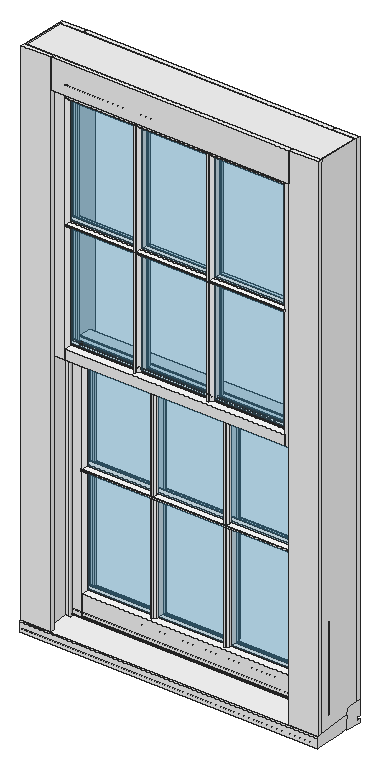
Revit family "B1-66", category Generic Models, Revit 2012
Parameters (values of type "Window Sill drawing")
  Width = 1600 mm
  Height = 1250 mm
  GlazingPanelMaterial = Glass
  Floor Material = White
Reference planes
  plane 1 "Center (Front/Back)": y = 0
  plane 2: z = 0
  plane 3 "Center (Left/Right)": x = 104
  plane 4: z = 1770
  plane 5: x = -800
  plane 6: y = -21.25
  plane 7: y = 137.75
  plane 8: x = -669
  plane 9: y = -21.25
  plane 10: z = 901.52
  plane 11: z = 857.52
  plane 12: z = 1670
  plane 13: z = 1684
  plane 14: z = 33
  plane 15: z = 1688
  plane 16: z = 68
  plane 17: x = 204
  plane 18: x = -431.5
  plane 19: x = -184.921
  plane 20: z = -98.018
  plane 21: y = 110
  plane 22: y = 110
  plane 23: y = 110
  plane 24: y = 110
  plane 25: y = 110
  plane 26: y = 110
  plane 27: x = 73
  plane 28: x = 718
  plane 29: z = 1770
  plane 30: y = 110
  plane 31: y = 110
  plane 32: y = 110
  plane 33: z = 484
  plane 34: z = 1639.938
  plane 35: z = 1254.52
  plane 36: y = 39
  plane 37: y = 39
  plane 38: y = 39
Forms (mm)
  Extrusion 1, solid, material "White" <- "Floor Material"
    sketch origin (250, 0, 589.815) x (0, 1, 0) y (0, 0, 1)
      loop
        arc (117, 270.705) -> (122.657, 273.048) -> (125, 278.705) r 8
        line (125, 278.705) -> (128, 278.705) -> (128, 283.705) -> (109, 283.705) -> (109, 271.705) -> (112, 271.705) -> (113, 267.705) -> (117, 267.705) -> (117, 270.705)
      loop
        line (105, 279.705) -> (89, 279.705) -> (89, 269.705) -> (105, 269.705) -> (105, 279.705)
      loop
        line (60, 267.705) -> (60, 292.705) -> (54, 292.705) -> (54, 295.705) -> (12, 295.705) -> (12, 311.705) -> (10, 311.705) -> (0, 301.705) -> (0, 267.705) -> (30.175, 267.705) -> (60, 267.705)
      loop
        line (34, 309.705) -> (18, 309.705) -> (18, 299.705) -> (34, 299.705) -> (34, 309.705)
      loop
        arc (55.621, 295.458) -> (54.621, 294.458) -> (55.621, 293.458) r 1
        line (55.621, 293.458) -> (63.121, 293.458) -> (63.121, 297.427) -> (65.177, 294.616)
        arc (65.177, 294.616) -> (66.49, 294.717) -> (66.591, 296.03) r 1.012
        line (66.591, 296.03) -> (63.606, 300.112)
        arc (63.606, 300.112) -> (62.116, 300.636) -> (61.091, 299.433) r 1.396
        line (61.091, 299.433) -> (61.091, 295.458) -> (55.621, 295.458)
    from -917.922 to -178.078
  Extrusion 2, solid, material "White" <- "Floor Material"
    sketch origin (1015, 13.291, 537.009) x (0, 1, 0) y (0, 0, 1)
      loop
        line (69.709, 336.511) -> (96.209, 336.511) -> (96.209, 364.511) -> (50.709, 364.511) -> (50.709, 359.511) -> (52.709, 349.511) -> (57.709, 349.511) -> (57.709, 339.968) -> (63.93, 339.968) -> (63.93, 336.511) -> (57.709, 336.511) -> (57.709, 320.511) -> (69.709, 320.511) -> (69.709, 336.511)
      loop
        line (53.709, 320.511) -> (53.709, 325.511) -> (51.709, 335.511) -> (46.709, 335.511) -> (46.709, 320.511) -> (53.709, 320.511)
      loop
        line (46.709, 364.511) -> (28.709, 364.511) -> (27.709, 360.511) -> (24.709, 360.511) -> (24.709, 348.511) -> (46.709, 348.511) -> (46.709, 364.511)
      loop
        arc (62.356, 337.415) -> (63.356, 338.415) -> (62.356, 339.415) r 1
        line (62.356, 339.415) -> (54.856, 339.415) -> (54.856, 335.445) -> (52.8, 338.257)
        arc (52.8, 338.257) -> (51.487, 338.156) -> (51.386, 336.843) r 1.012
        line (51.386, 336.843) -> (54.371, 332.761)
        arc (54.371, 332.761) -> (55.862, 332.237) -> (56.886, 333.439) r 1.396
        line (56.886, 333.439) -> (56.886, 337.415) -> (62.356, 337.415)
    from -1688.922 to -942
  Extrusion 3, solid, material "White" <- "Floor Material"
    sketch origin (865, 123.171, 550.733) x (0, 1, 0) y (0, 0, 1)
      loop
        line (-14.171, 306.296) -> (-10.171, 306.787) -> (-11.171, 310.787) -> (-14.171, 310.787) -> (-14.171, 306.296)
      loop
        line (-38.171, 306.542) -> (-38.171, 309.542) -> (-40.171, 309.787) -> (-40.171, 306.787) -> (-38.171, 306.542)
      loop
        line (-85.171, 351.278) -> (-85.171, 346.787) -> (-82.171, 346.787) -> (-81.171, 350.787) -> (-85.171, 351.278)
      loop
        line (-111.171, 347.787) -> (-109.171, 348.033) -> (-109.171, 351.033) -> (-111.171, 350.787) -> (-111.171, 347.787)
    from -1534 to -792
  Extrusion 4, solid, material "Glass" <- "GlazingPanelMaterial"
    sketch origin (150, 64.106, 220.533) x (0, 1, 0) y (0, 0, 1)
      loop
        line (44.88, -103.528) -> (44.88, 652.987) -> (40.88, 652.987) -> (40.88, -103.528) -> (44.88, -103.528)
      loop
        line (24.88, 652.987) -> (20.88, 652.987) -> (20.88, -103.528) -> (24.88, -103.528) -> (24.88, 652.987)
    from -819 to -88.078
  Extrusion 5, solid, material "White" <- "Floor Material"
    sketch origin (761.418, 125.498, 896.719) x (0, -0.121869, -0.992546) y (0, 0.992546, -0.121869)
      loop
        line (28.327, -57.65) -> (23.969, -54.354)
        arc (23.969, -54.354) -> (22.506, -54.612) -> (22.765, -56.075) r 1.05
        line (22.765, -56.075) -> (26.332, -58.837)
        arc (26.332, -58.837) -> (26.584, -59.776) -> (25.835, -60.396) r 0.9
        line (25.835, -60.396) -> (19.693, -61.15)
        arc (19.693, -61.15) -> (19.162, -61.383) -> (18.989, -61.936) r 0.7
        line (18.989, -61.936) -> (19.197, -63.633) -> (19.712, -64.398) -> (20.1, -67.562) -> (19.196, -66.76) -> (19.293, -67.554) -> (20.152, -68.225) -> (20.951, -68.183) -> (23.094, -67.324) -> (22.996, -66.53) -> (20.532, -66.978) -> (20.205, -64.315)
        arc (20.205, -64.315) -> (20.389, -63.651) -> (20.989, -63.312) r 0.9
        line (20.989, -63.312) -> (28.761, -62.358)
        arc (28.761, -62.358) -> (29.205, -62.1) -> (29.324, -61.601) r 0.65
        line (29.324, -61.601) -> (28.752, -58.33)
        arc (28.752, -58.33) -> (28.631, -57.932) -> (28.327, -57.65) r 0.798
    from -1430.418 to -1181
  Extrusion 6, solid, material "White" <- "Floor Material"
    sketch origin (911.418, 126.532, 897.954) x (0, -0.121869, -0.992546) y (0, 0.992546, -0.121869)
      loop
        arc (25.38, -55.148) -> (23.778, -55.428) -> (24.057, -57.03) r 1.15
        line (24.057, -57.03) -> (27.62, -59.789)
        arc (27.62, -59.789) -> (27.84, -60.623) -> (27.175, -61.172) r 0.8
        line (27.175, -61.172) -> (20.939, -61.931)
        arc (20.939, -61.931) -> (20.405, -62.232) -> (20.241, -62.823) r 0.8
        line (20.241, -62.823) -> (20.45, -64.52) -> (20.968, -65.312) -> (21.339, -68.337) -> (20.548, -67.635) -> (20.645, -68.429) -> (21.504, -69.1) -> (22.303, -69.058) -> (24.446, -68.2) -> (24.348, -67.406) -> (21.983, -67.835) -> (21.657, -65.178)
        arc (21.657, -65.178) -> (21.82, -64.588) -> (22.353, -64.287) r 0.8
        line (22.353, -64.287) -> (30.127, -63.332)
        arc (30.127, -63.332) -> (30.638, -63.034) -> (30.774, -62.459) r 0.75
        line (30.774, -62.459) -> (30.244, -59.424)
        arc (30.244, -59.424) -> (30.154, -58.918) -> (29.833, -58.516) r 1.042
        line (29.833, -58.516) -> (25.38, -55.148)
    from -1580.418 to -1331
  Extrusion 7, solid, material "White" <- "Floor Material"
    sketch origin (861.418, 121.497, 909.598) x (0, -0.121869, -0.992546) y (0, 0.992546, -0.121869)
      loop
        line (37.899, -55.316) -> (32.161, -55.997)
        arc (32.161, -55.997) -> (31.827, -56.184) -> (31.724, -56.554) r 0.5
        line (31.724, -56.554) -> (32.395, -62.021) -> (31.491, -61.219) -> (31.588, -62.013) -> (32.447, -62.684) -> (33.246, -62.642) -> (35.389, -61.784) -> (35.291, -60.989) -> (32.827, -61.437) -> (32.285, -57.019)
        arc (32.285, -57.019) -> (32.428, -56.659) -> (32.772, -56.479) r 0.558
        line (32.772, -56.479) -> (37.96, -55.818)
        arc (37.96, -55.818) -> (38.179, -55.536) -> (37.899, -55.316) r 0.253
    from -1530.418 to -788.418
  Extrusion 8, solid, material "White" <- "Floor Material"
    sketch origin (-78.582, 5.502, 862.603) x (0, 0.121869, 0.992546) y (0, -0.992546, 0.121869)
      loop
        line (28.327, -57.65) -> (23.969, -54.354)
        arc (23.969, -54.354) -> (22.506, -54.612) -> (22.765, -56.075) r 1.05
        line (22.765, -56.075) -> (26.332, -58.837)
        arc (26.332, -58.837) -> (26.584, -59.776) -> (25.835, -60.396) r 0.9
        line (25.835, -60.396) -> (19.693, -61.15)
        arc (19.693, -61.15) -> (19.162, -61.383) -> (18.989, -61.936) r 0.7
        line (18.989, -61.936) -> (19.197, -63.633) -> (19.712, -64.398) -> (20.1, -67.562) -> (19.196, -66.76) -> (19.293, -67.554) -> (20.152, -68.225) -> (20.951, -68.183) -> (23.094, -67.324) -> (22.996, -66.53) -> (20.532, -66.978) -> (20.205, -64.315)
        arc (20.205, -64.315) -> (20.389, -63.651) -> (20.989, -63.312) r 0.9
        line (20.989, -63.312) -> (28.761, -62.358)
        arc (28.761, -62.358) -> (29.205, -62.1) -> (29.324, -61.601) r 0.65
        line (29.324, -61.601) -> (28.752, -58.33)
        arc (28.752, -58.33) -> (28.631, -57.932) -> (28.327, -57.65) r 0.798
    from -590.418 to 140.504
  Extrusion 9, solid, material "White" <- "Floor Material"
    sketch origin (736.418, 9.503, 849.725) x (0, 0.121869, 0.992546) y (0, -0.992546, 0.121869)
      loop
        line (37.899, -55.316) -> (32.161, -55.997)
        arc (32.161, -55.997) -> (31.827, -56.184) -> (31.724, -56.554) r 0.5
        line (31.724, -56.554) -> (32.395, -62.021) -> (31.491, -61.219) -> (31.588, -62.013) -> (32.447, -62.684) -> (33.246, -62.642) -> (35.389, -61.784) -> (35.291, -60.989) -> (32.827, -61.437) -> (32.285, -57.019)
        arc (32.285, -57.019) -> (32.428, -56.659) -> (32.772, -56.479) r 0.558
        line (32.772, -56.479) -> (37.96, -55.818)
        arc (37.96, -55.818) -> (38.179, -55.536) -> (37.899, -55.316) r 0.253
    from -1405.418 to -674.496
  Extrusion 10, solid, material "White" <- "Floor Material"
    sketch origin (815, 0, 589.815) x (0, 1, 0) y (0, 0, 1)
      loop
        line (38, 299.705) -> (12, 299.705) -> (12, 295.705) -> (38, 295.705) -> (38, 299.705)
      loop
        line (109, 283.705) -> (83, 283.705) -> (83, 279.705) -> (109, 279.705) -> (109, 283.705)
    from -1484 to -1234.582
  Extrusion 11, solid, not visible
    sketch origin (0, 0, 9.375) x (0, 1, 0) y (0, 0, 1)
      loop
        line (94.662, 311.911) -> (94.314, 312.868) -> (95.314, 312.868) -> (93.454, 317.977) -> (86.115, 317.977) -> (85.011, 317.575) -> (64.143, 317.575) -> (64.143, 311.911) -> (94.662, 311.911)
    from 0 to 250
  Extrusion 12, solid, not visible
    sketch origin (0, 0, 9.375) x (0, 1, 0) y (0, 0, 1)
      loop
        line (93.688, 317.334) -> (85.92, 317.334) -> (87.101, 312.926) -> (95.293, 312.926) -> (93.688, 317.334)
      loop
        line (91.853, 322.376) -> (91.853, 328.194)
        arc (91.853, 328.194) -> (91.424, 329.231) -> (90.388, 329.66) r 1.465
        line (90.388, 329.66) -> (71.853, 329.66) -> (71.853, 322.376) -> (91.853, 322.376)
      loop
        line (73.373, 320.598) -> (64.143, 320.598) -> (64.143, 317.575) -> (73.373, 317.575) -> (73.373, 320.598)
      loop
        line (61.169, 311.884) -> (61.169, 316.884) -> (56.169, 316.884)
        arc (56.169, 316.884) -> (53.926, 317.813) -> (52.996, 320.057) r 3.173
        line (52.996, 320.057) -> (52.996, 327.594)
        arc (52.996, 327.594) -> (53.247, 329.284) -> (54.656, 330.25) r 2.138
        line (54.656, 330.25) -> (56.493, 330.25)
        arc (56.493, 330.25) -> (57.939, 329.727) -> (58.925, 328.548) r 2.95
        line (58.925, 328.548) -> (59.306, 324.922) -> (61.24, 324.922) -> (60.612, 330.901)
        arc (60.612, 330.901) -> (59.723, 332.646) -> (57.894, 333.348) r 2.733
        line (57.894, 333.348) -> (52.423, 333.348)
        arc (52.423, 333.348) -> (50.164, 330.795) -> (49.999, 327.391) r 5.139
        line (49.999, 327.391) -> (47.957, 316.884)
        arc (47.957, 316.884) -> (49.179, 314.507) -> (49.698, 311.884) r 9.583
        line (49.698, 311.884) -> (61.169, 311.884)
    from 0 to 250
  Extrusion 13, solid, material "White" <- "Floor Material"
    sketch origin (50, -21.25, 1386.188) x (0, 1, 0) y (0, 0, 1)
      loop
        line (78.5, 268.749) -> (59.5, 268.749) -> (59.5, 256.749) -> (62.5, 256.749) -> (63.5, 252.749) -> (67.5, 252.749) -> (67.5, 255.749)
        arc (67.5, 255.749) -> (73.157, 258.092) -> (75.5, 263.749) r 8
        line (75.5, 263.749) -> (78.5, 263.749) -> (78.5, 268.749)
      loop
        line (67.534, 317.378) -> (63.288, 313.116) -> (63.101, 309.432)
        arc (63.101, 309.432) -> (63.279, 308.951) -> (63.75, 308.749) r 0.65
        line (63.75, 308.749) -> (71.582, 308.749)
        arc (71.582, 308.749) -> (72.219, 308.486) -> (72.482, 307.849) r 0.9
        line (72.482, 307.849) -> (72.482, 305.266) -> (69.639, 305.266) -> (69.639, 304.437) -> (70.5, 304.437) -> (72.582, 304.032) -> (73.5, 304.437) -> (73.5, 308.749) -> (73.4, 310.459)
        arc (73.4, 310.459) -> (73.16, 310.987) -> (72.605, 311.153) r 0.7
        line (72.605, 311.153) -> (66.417, 311.153)
        arc (66.417, 311.153) -> (65.695, 311.514) -> (65.553, 312.309) r 0.9
        line (65.553, 312.309) -> (68.938, 315.817)
        arc (68.938, 315.817) -> (69.016, 317.299) -> (67.534, 317.378) r 1.05
    from -719 to 23
  Extrusion 14, solid, material "White" <- "Floor Material"
    sketch origin (50, -21.25, 1375.251) x (0, 1, 0) y (0, 0, 1)
      loop
        line (154, 344.749) -> (154, 388.749) -> (20, 388.749) -> (20, 344.749) -> (154, 344.749)
    from -749.921 to 54
  Extrusion 15, solid, material "Glass" <- "GlazingPanelMaterial"
    sketch origin (0, -6.957, 1128.493) x (0, 1, 0) y (0, 0, 1)
      loop
        line (45.207, -226.973) -> (45.207, 526.445) -> (41.207, 526.445) -> (41.207, -226.973) -> (45.207, -226.973)
      loop
        line (24.957, 526.445) -> (20.957, 526.445) -> (20.957, -226.973) -> (24.957, -226.973) -> (24.957, 526.445)
    from -669 to 61.922
  Extrusion 16, solid, material "White" <- "Floor Material"
    sketch origin (-72.332, 95.318, 1807.485) x (0, 1, 0) y (0, 0, 1)
      loop
        line (-97.368, -115.408) -> (-98.782, -115.408) -> (-98.782, -120.691) -> (-97.368, -120.691) -> (-97.368, -119.602) -> (-97.368, -116.493) -> (-97.368, -115.408)
    from -596.668 to -347.25
  Extrusion 17, solid, material "White" <- "Floor Material"
    sketch origin (50, -21.25, 1386.188) x (0, 1, 0) y (0, 0, 1)
      loop
        line (17, 304.499) -> (13, 304.499) -> (13, 301.999) -> (17, 301.999) -> (17, 299.749) -> (20, 299.749) -> (20, 301.694) -> (19.2, 301.694) -> (19.2, 300.606) -> (17.786, 300.606) -> (17.786, 305.893) -> (19.2, 305.893) -> (19.2, 304.804) -> (20, 304.804) -> (20, 306.749) -> (17, 306.749) -> (17, 304.499)
    from -719 to 23
  Extrusion 18, solid, material "White" <- "Floor Material"
    sketch origin (50, -21.25, 1386.188) x (0, 1, 0) y (0, 0, 1)
      loop
        line (23.862, 300.393) -> (23.862, 306.074)
        spline (23.862, 306.074) -> (23.6, 305.683) -> (23.284, 305.425) -> (22.922, 305.27) -> (22.524, 305.189) -> (22.101, 305.153) -> (21.66, 305.133) -> (21.213, 305.1) -> (20.767, 305.024) -> (20.334, 304.876) -> (19.922, 304.627) -> (19.541, 304.248) -> (19.2, 303.71)
        line (19.2, 303.71) -> (19.2, 302.476)
        spline (19.2, 302.476) -> (19.558, 301.967) -> (19.948, 301.615) -> (20.362, 301.392) -> (20.792, 301.269) -> (21.23, 301.216) -> (21.669, 301.205) -> (22.099, 301.206) -> (22.515, 301.191) -> (22.906, 301.132) -> (23.267, 300.998) -> (23.588, 300.761) -> (23.862, 300.393)
    from -719 to -224
  Extrusion 19, solid, material "White" <- "Floor Material"
    sketch origin (-22.332, 36.182, 1807.485) x (0, -1, 0) y (0, 0, -1)
      loop
        line (-97.368, 115.408) -> (-97.368, 116.493) -> (-97.368, 119.602) -> (-97.368, 120.691) -> (-98.782, 120.691) -> (-98.782, 115.408) -> (-97.368, 115.408)
    from -695.605 to 95.332
  Extrusion 20, solid, material "White" <- "Floor Material"
    sketch origin (25, 152.75, 1386.188) x (0, -1, 0) y (0, 0, -1)
      loop
        spline (23.862, -300.393) -> (23.588, -300.761) -> (23.267, -300.998) -> (22.906, -301.132) -> (22.515, -301.191) -> (22.099, -301.206) -> (21.669, -301.205) -> (21.23, -301.216) -> (20.792, -301.269) -> (20.362, -301.392) -> (19.948, -301.615) -> (19.558, -301.967) -> (19.2, -302.476)
        line (19.2, -302.476) -> (19.2, -303.71)
        spline (19.2, -303.71) -> (19.541, -304.248) -> (19.922, -304.627) -> (20.334, -304.876) -> (20.767, -305.024) -> (21.213, -305.1) -> (21.66, -305.133) -> (22.101, -305.153) -> (22.524, -305.189) -> (22.922, -305.27) -> (23.284, -305.425) -> (23.6, -305.683) -> (23.862, -306.074)
        line (23.862, -306.074) -> (23.862, -300.393)
    from -694 to -444.582
  Extrusion 21, solid, material "White" <- "Floor Material"
    sketch origin (50, 234.566, 1502.409) x (0, 1, 0) y (0, 0, 1)
      loop
        line (-222.316, 137.529) -> (-220.566, 137.744) -> (-220.566, 140.529) -> (-222.316, 140.529) -> (-222.316, 137.529)
      loop
        line (-193.316, 140.529) -> (-196.316, 140.529) -> (-196.316, 136.529) -> (-192.316, 136.529) -> (-193.316, 140.529)
    from -719 to -469.582
  Extrusion 22, solid, material "White" <- "Floor Material"
    sketch origin (50, -21.25, 1375.251) x (0, 1, 0) y (0, 0, 1)
      loop
        line (159, 312.749) -> (159, 388.749) -> (20, 388.749) -> (20, 329.749) -> (15, 329.749) -> (15, 321.749) -> (20, 321.749) -> (20, 312.749) -> (83, 312.749) -> (83, 319.749) -> (91, 319.749) -> (91, 312.749) -> (159, 312.749)
    from -767.938 to 71.921
  Extrusion 23, solid, material "White" <- "Floor Material"
    sketch origin (-172.332, 69.685, -12.907) x (0, -1, 0) y (0, 0, -1)
      loop
        line (-28.815, -17.907) -> (-28.815, -45.907) -> (-33.815, -45.907) -> (-33.815, -60.907) -> (-28.815, -60.907) -> (92.551, -46.005)
        arc (92.551, -46.005) -> (94.432, -45.015) -> (95.185, -43.027) r 3
        line (95.185, -43.027) -> (95.185, -12.907) -> (90.185, -12.907) -> (90.185, -14.907)
        arc (90.185, -14.907) -> (87.185, -17.907) -> (84.185, -14.907) r 3
        line (84.185, -14.907) -> (84.185, -12.907) -> (-8.815, -12.907) -> (-8.815, -17.907) -> (-28.815, -17.907)
    from -627.668 to 376.332
  Extrusion 24, solid, material "White" <- "Floor Material"
    sketch origin (-172.332, 69.685, 0) x (0, -1, 0) y (0, 0, -1)
      loop
        line (-82.815, 0) -> (-82.815, -10) -> (-72.815, -10) -> (-72.815, -20) -> (-82.815, -20) -> (-82.815, -68) -> (-62.815, -68) -> (-28.815, -63.825) -> (-28.815, -58.913)
        arc (-28.815, -58.913) -> (-31.815, -55.913) -> (-28.815, -52.913) r 3
        line (-28.815, -52.913) -> (-28.815, -48) -> (-33.815, -48) -> (-33.815, -33) -> (-28.815, -33) -> (-28.815, 0) -> (-82.815, 0)
    from -627.668 to 376.332
  Extrusion 25, solid, material "White" <- "Floor Material"
    sketch origin (-172.332, 75.723, -26.266) x (0, -1, 0) y (0, 0, -1)
      loop
        line (-6.277, -76.621) -> (-17.277, -77.972) -> (-17.277, -99.936) -> (-21.277, -99.936) -> (-21.277, -139.271) -> (-7.277, -139.271) -> (-7.277, -155.271) -> (-5.277, -155.271) -> (4.723, -145.271) -> (4.723, -77.246)
        arc (4.723, -77.246) -> (3.711, -74.999) -> (1.357, -74.268) r 3
        line (1.357, -74.268) -> (-3.277, -74.837) -> (-3.277, -82.253) -> (-6.277, -82.253) -> (-6.277, -76.621)
      loop
        line (-55.277, -139.271) -> (-29.277, -139.271) -> (-29.277, -99.936) -> (-33.277, -99.936) -> (-33.277, -94.936) -> (-44.277, -96.287) -> (-44.277, -102.287) -> (-47.277, -102.287) -> (-47.277, -96.655) -> (-52.643, -97.314)
        arc (-52.643, -97.314) -> (-54.524, -98.304) -> (-55.277, -100.292) r 3
        line (-55.277, -100.292) -> (-55.277, -139.271)
    from -495.589 to 244.332
  Extrusion 26, solid, material "White" <- "Floor Material"
    sketch origin (-172.332, 36.806, -33.552) x (0, -1, 0) y (0, 0, -1)
      loop
        line (-97.22, -108.207) -> (-97.22, -106.552) -> (-98.72, -106.552) -> (-98.72, -111.552) -> (-97.22, -111.552) -> (-97.22, -109.898)
        spline (-97.22, -109.898) -> (-96.846, -110.536) -> (-96.419, -110.991) -> (-95.951, -111.297) -> (-95.454, -111.486) -> (-94.941, -111.593) -> (-94.423, -111.65) -> (-93.912, -111.691) -> (-93.422, -111.75) -> (-92.964, -111.859) -> (-92.55, -112.054) -> (-92.193, -112.366) -> (-91.905, -112.83)
        line (-91.905, -112.83) -> (-91.905, -105.274)
        spline (-91.905, -105.274) -> (-92.193, -105.738) -> (-92.55, -106.051) -> (-92.964, -106.245) -> (-93.422, -106.355) -> (-93.912, -106.414) -> (-94.423, -106.455) -> (-94.941, -106.512) -> (-95.454, -106.619) -> (-95.951, -106.808) -> (-96.419, -107.113) -> (-96.846, -107.569) -> (-97.22, -108.207)
    from -496.668 to 244.332
  Extrusion 27, solid, material "White" <- "Floor Material"
    sketch origin (-172.332, 73.367, -7.569) x (0, -1, 0) y (0, 0, -1)
      loop
        line (-54.633, -125.574) -> (-51.633, -125.574)
        arc (-51.633, -125.574) -> (-49.289, -131.23) -> (-43.633, -133.574) r 8
        line (-43.633, -133.574) -> (-43.633, -136.574) -> (-39.633, -136.574) -> (-38.633, -132.574) -> (-35.633, -132.574) -> (-35.633, -120.574) -> (-54.633, -120.574) -> (-54.633, -125.574)
    from -496.668 to 244.332
  Extrusion 28, solid, material "White" <- "Floor Material"
    sketch origin (-172.332, 69.685, 0) x (0, -1, 0) y (0, 0, -1)
      loop
        line (-39.315, -113.004) -> (-39.315, -117.004) -> (-15.315, -117.004) -> (-15.315, -126.25) -> (-13.315, -126.004) -> (-13.315, -113.004) -> (-39.315, -113.004)
    from -496.668 to 244.332
  Extrusion 29, solid, material "White" <- "Floor Material"
    sketch origin (-153.582, 101.098, -13.29) x (0, -1, 0) y (0, 0, -1)
      loop
        line (28.327, -57.65) -> (23.969, -54.354)
        arc (23.969, -54.354) -> (22.506, -54.612) -> (22.765, -56.075) r 1.05
        line (22.765, -56.075) -> (26.332, -58.837)
        arc (26.332, -58.837) -> (26.584, -59.776) -> (25.835, -60.396) r 0.9
        line (25.835, -60.396) -> (19.693, -61.15)
        arc (19.693, -61.15) -> (19.162, -61.383) -> (18.989, -61.936) r 0.7
        line (18.989, -61.936) -> (19.197, -63.633) -> (19.712, -64.398) -> (20.1, -67.562) -> (19.196, -66.76) -> (19.293, -67.554) -> (20.152, -68.225) -> (20.951, -68.183) -> (23.094, -67.324) -> (22.996, -66.53) -> (20.532, -66.978) -> (20.205, -64.315)
        arc (20.205, -64.315) -> (20.389, -63.651) -> (20.989, -63.312) r 0.9
        line (20.989, -63.312) -> (28.761, -62.358)
        arc (28.761, -62.358) -> (29.205, -62.1) -> (29.324, -61.601) r 0.65
        line (29.324, -61.601) -> (28.752, -58.33)
        arc (28.752, -58.33) -> (28.631, -57.932) -> (28.327, -57.65) r 0.798
    from -551.339 to 257.582
  Extrusion 30, solid, material "White" <- "Floor Material"
    sketch origin (-153.582, 113.393, -7.749) x (0, -1, 0) y (0, 0, -1)
      loop
        line (37.899, -55.316) -> (32.161, -55.997)
        arc (32.161, -55.997) -> (31.827, -56.184) -> (31.724, -56.554) r 0.5
        line (31.724, -56.554) -> (32.395, -62.021) -> (31.491, -61.219) -> (31.588, -62.013) -> (32.447, -62.684) -> (33.246, -62.642) -> (35.389, -61.784) -> (35.291, -60.989) -> (32.827, -61.437) -> (32.285, -57.019)
        arc (32.285, -57.019) -> (32.428, -56.659) -> (32.772, -56.479) r 0.558
        line (32.772, -56.479) -> (37.96, -55.818)
        arc (37.96, -55.818) -> (38.179, -55.536) -> (37.899, -55.316) r 0.253
    from -515.418 to 225.582
  Extrusion 31, solid, material "White" <- "Floor Material"
    sketch origin (-172.332, 69.685, 0) x (0, -1, 0) y (0, 0, -1)
      loop
        line (-35.315, -127.004) -> (-19.315, -127.004) -> (-19.315, -117.004) -> (-35.315, -117.004) -> (-35.315, -127.004)
    from -496.668 to 244.332
  Extrusion 32, solid, material "White" <- "Floor Material"
    sketch origin (-153.582, 142.098, 6.744) x (0, -1, 0) y (0, 0, -1)
      loop
        line (28.327, -57.65) -> (23.969, -54.354)
        arc (23.969, -54.354) -> (22.506, -54.612) -> (22.765, -56.075) r 1.05
        line (22.765, -56.075) -> (26.332, -58.837)
        arc (26.332, -58.837) -> (26.584, -59.776) -> (25.835, -60.396) r 0.9
        line (25.835, -60.396) -> (19.693, -61.15)
        arc (19.693, -61.15) -> (19.162, -61.383) -> (18.989, -61.936) r 0.7
        line (18.989, -61.936) -> (19.197, -63.633) -> (19.712, -64.398) -> (20.1, -67.562) -> (19.196, -66.76) -> (19.293, -67.554) -> (20.152, -68.225) -> (20.951, -68.183) -> (23.094, -67.324) -> (22.996, -66.53) -> (20.532, -66.978) -> (20.205, -64.315)
        arc (20.205, -64.315) -> (20.389, -63.651) -> (20.989, -63.312) r 0.9
        line (20.989, -63.312) -> (28.761, -62.358)
        arc (28.761, -62.358) -> (29.205, -62.1) -> (29.324, -61.601) r 0.65
        line (29.324, -61.601) -> (28.752, -58.33)
        arc (28.752, -58.33) -> (28.631, -57.932) -> (28.327, -57.65) r 0.798
    from -515.418 to 225.582
  Extrusion 33, solid, material "White" <- "Floor Material"
    sketch origin (-153.582, 143.45, 5.869) x (0, -1, 0) y (0, 0, -1)
      loop
        arc (25.38, -55.148) -> (23.778, -55.428) -> (24.057, -57.03) r 1.15
        line (24.057, -57.03) -> (27.62, -59.789)
        arc (27.62, -59.789) -> (27.84, -60.623) -> (27.175, -61.172) r 0.8
        line (27.175, -61.172) -> (20.939, -61.931)
        arc (20.939, -61.931) -> (20.405, -62.232) -> (20.241, -62.823) r 0.8
        line (20.241, -62.823) -> (20.45, -64.52) -> (20.968, -65.312) -> (21.339, -68.337) -> (20.548, -67.635) -> (20.645, -68.429) -> (21.504, -69.1) -> (22.303, -69.058) -> (24.446, -68.2) -> (24.348, -67.406) -> (21.983, -67.835) -> (21.657, -65.178)
        arc (21.657, -65.178) -> (21.82, -64.588) -> (22.353, -64.287) r 0.8
        line (22.353, -64.287) -> (30.127, -63.332)
        arc (30.127, -63.332) -> (30.638, -63.034) -> (30.774, -62.459) r 0.75
        line (30.774, -62.459) -> (30.244, -59.424)
        arc (30.244, -59.424) -> (30.154, -58.918) -> (29.833, -58.516) r 1.042
        line (29.833, -58.516) -> (25.38, -55.148)
    from -515.418 to 225.582
  Extrusion 34, solid, material "White" <- "Floor Material"
    sketch origin (-153.582, 154.393, 12.285) x (0, -1, 0) y (0, 0, -1)
      loop
        line (37.899, -55.316) -> (32.161, -55.997)
        arc (32.161, -55.997) -> (31.827, -56.184) -> (31.724, -56.554) r 0.5
        line (31.724, -56.554) -> (32.395, -62.021) -> (31.491, -61.219) -> (31.588, -62.013) -> (32.447, -62.684) -> (33.246, -62.642) -> (35.389, -61.784) -> (35.291, -60.989) -> (32.827, -61.437) -> (32.285, -57.019)
        arc (32.285, -57.019) -> (32.428, -56.659) -> (32.772, -56.479) r 0.558
        line (32.772, -56.479) -> (37.96, -55.818)
        arc (37.96, -55.818) -> (38.179, -55.536) -> (37.899, -55.316) r 0.253
    from -515.418 to 225.582
  Extrusion 35, solid, material "White" <- "Floor Material"
    sketch origin (-172.332, 69.685, 0) x (0, -1, 0) y (0, 0, -1)
      loop
        line (-39.315, -129.495) -> (-39.315, -125.004) -> (-42.315, -125.004) -> (-43.315, -129.004) -> (-39.315, -129.495)
      loop
        line (-15.315, -129.25) -> (-13.315, -129.004) -> (-13.315, -126.004) -> (-15.315, -126.25) -> (-15.315, -129.25)
    from -496.668 to 244.332
  Extrusion 36, solid, material "White" <- "Floor Material"
    sketch origin (-511.418, -643.153, 0) x (1, 0, 0) y (0, 1, 0)
      loop
        line (-280.004, 695.902) -> (-280.004, 650.902) -> (-235.004, 650.902) -> (-235.004, 695.902) -> (-280.004, 695.902)
      loop
        circle (-257.504, 673.402) r 3.5
      loop
        circle (-257.504, 744.402) r 3.5
      loop
        line (-235.004, 766.902) -> (-280.004, 766.902) -> (-280.004, 721.902) -> (-235.004, 721.902) -> (-235.004, 766.902)
      loop
        line (-281.504, 707.402) -> (-233.504, 707.402) -> (-233.504, 710.402) -> (-281.504, 710.402) -> (-281.504, 707.402)
      loop
        line (-206.504, 712.902) -> (-213.504, 712.902) -> (-213.504, 704.902) -> (-192.504, 704.902)
        arc (-192.504, 704.902) -> (-188.504, 708.902) -> (-192.504, 712.902) r 4
        line (-192.504, 712.902) -> (-206.504, 712.902)
    from 33 to 1685.937
  Extrusion 37, solid, material "White" <- "Floor Material"
    sketch origin (-511.434, -643.965, 0) x (1, 0, 0) y (0, 1, 0)
      loop
        line (-209.504, 752.402) -> (-254.504, 752.402) -> (-254.504, 736.402) -> (-209.504, 736.402) -> (-209.504, 729.902) -> (-206.504, 729.902) -> (-206.504, 758.902) -> (-209.504, 758.902) -> (-209.504, 752.402)
      loop
        line (-254.504, 681.402) -> (-254.504, 665.402) -> (-209.504, 665.402) -> (-209.504, 658.902) -> (-206.504, 658.902) -> (-206.504, 687.902) -> (-209.504, 687.902) -> (-209.504, 681.402) -> (-254.504, 681.402)
    from 33 to 923.04
  Extrusion 38, solid, material "White" <- "Floor Material"
    sketch origin (-511.418, -571.902, -672) x (1, 0, 0) y (0, 1, 0)
      loop
        line (-156.504, 643.402) -> (-146.504, 653.402) -> (-146.504, 655.402) -> (-162.504, 655.402) -> (-162.504, 703.402) -> (-199.504, 703.402)
        arc (-199.504, 703.402) -> (-201.625, 702.524) -> (-202.504, 700.402) r 3
        line (-202.504, 700.402) -> (-202.504, 679.402) -> (-196.504, 679.402) -> (-196.504, 667.402) -> (-202.504, 667.402) -> (-202.504, 654.402) -> (-196.504, 654.402) -> (-196.504, 651.402) -> (-202.504, 651.402) -> (-202.504, 646.402)
        arc (-202.504, 646.402) -> (-201.625, 644.281) -> (-199.504, 643.402) r 3
        line (-199.504, 643.402) -> (-156.504, 643.402)
    from 717.039 to 1545.52
  Extrusion 39, solid, material "White" <- "Floor Material"
    sketch origin (-511.418, -571.902, -672) x (1, 0, 0) y (0, 1, 0)
      loop
        line (-162.504, 700.402) -> (-162.504, 681.402) -> (-150.504, 681.402) -> (-150.504, 684.402) -> (-146.504, 685.402) -> (-146.504, 689.402) -> (-149.504, 689.402)
        arc (-149.504, 689.402) -> (-151.847, 695.059) -> (-157.504, 697.402) r 8
        line (-157.504, 697.402) -> (-157.504, 700.402) -> (-162.504, 700.402)
    from 705 to 1540.52
  Extrusion 40, solid, not visible
    sketch origin (-848.022, -244.537, 0) x (1, 0, 0) y (0, 1, 0)
      loop
        line (-156.504, 643.402) -> (-146.504, 653.402) -> (-146.504, 655.402) -> (-162.504, 655.402) -> (-162.504, 703.402) -> (-199.504, 703.402)
        arc (-199.504, 703.402) -> (-201.625, 702.524) -> (-202.504, 700.402) r 3
        line (-202.504, 700.402) -> (-202.504, 695.402) -> (-196.504, 695.402) -> (-196.504, 692.402) -> (-202.504, 692.402) -> (-202.504, 679.402) -> (-196.504, 679.402) -> (-196.504, 667.402) -> (-202.504, 667.402) -> (-202.504, 646.402)
        arc (-202.504, 646.402) -> (-201.625, 644.281) -> (-199.504, 643.402) r 3
        line (-199.504, 643.402) -> (-156.504, 643.402)
    from 672 to 1294
  Extrusion 41, solid, not visible
    sketch origin (-848.022, -244.537, 0) x (1, 0, 0) y (0, 1, 0)
      loop
        line (-162.504, 700.402) -> (-162.504, 681.402) -> (-150.504, 681.402) -> (-150.504, 684.402) -> (-146.504, 685.402) -> (-146.504, 689.402) -> (-149.504, 689.402)
        arc (-149.504, 689.402) -> (-151.847, 695.059) -> (-157.504, 697.402) r 8
        line (-157.504, 697.402) -> (-157.504, 700.402) -> (-162.504, 700.402)
    from 672 to 1294
  Extrusion 42, solid, material "White" <- "Floor Material"
    sketch origin (-511.418, -714.403, 333.96) x (1, 0, 0) y (0, 1, 0)
      loop
        arc (-199.504, 774.402) -> (-201.625, 773.524) -> (-202.504, 771.402) r 3
        line (-202.504, 771.402) -> (-202.504, 766.402) -> (-196.504, 766.402) -> (-196.504, 763.402) -> (-202.504, 763.402) -> (-202.504, 750.402) -> (-196.504, 750.402) -> (-196.504, 738.402) -> (-202.504, 738.402) -> (-202.504, 717.402)
        arc (-202.504, 717.402) -> (-201.625, 715.281) -> (-199.504, 714.402) r 3
        line (-199.504, 714.402) -> (-156.504, 714.402) -> (-146.504, 724.402) -> (-146.504, 726.402) -> (-162.504, 726.402) -> (-162.504, 774.402) -> (-199.504, 774.402)
    from 523.56 to 1350.04
  Extrusion 43, solid, material "White" <- "Floor Material"
    sketch origin (-511.418, -714.403, 288.96) x (1, 0, 0) y (0, 1, 0)
      loop
        line (-157.504, 771.402) -> (-162.504, 771.402) -> (-162.504, 752.402) -> (-150.504, 752.402) -> (-150.504, 755.402) -> (-146.504, 756.402) -> (-146.504, 760.402) -> (-149.504, 760.402)
        arc (-149.504, 760.402) -> (-151.847, 766.059) -> (-157.504, 768.402) r 8
        line (-157.504, 768.402) -> (-157.504, 771.402)
    from 610.56 to 1395.04
  Extrusion 44, solid, material "White" <- "Floor Material"
    sketch origin (-511.418, 774.897, -660) x (1, 0, 0) y (0, 1, 0)
      loop
        arc (-204.331, -687.749) -> (-207.239, -689.467) -> (-208.592, -692.561) r 5.492
        arc (-208.592, -692.561) -> (-208.577, -693.238) -> (-207.9, -693.253) r 0.49
        line (-207.9, -693.253) -> (-207.702, -692.118)
        arc (-207.702, -692.118) -> (-206.44, -689.941) -> (-204.202, -688.789) r 4.477
        arc (-204.202, -688.789) -> (-203.814, -688.735) -> (-203.578, -688.421) r 0.511
        line (-203.578, -688.421) -> (-203.578, -686.619)
        arc (-203.578, -686.619) -> (-203.274, -687.204) -> (-203.257, -687.863) r 1.462
        line (-203.257, -687.863) -> (-203.257, -695.734)
        arc (-203.257, -695.734) -> (-202.89, -696.174) -> (-202.523, -695.734) r 0.373
        line (-202.523, -695.734) -> (-202.523, -693.221) -> (-200.345, -693.221) -> (-201.733, -694.086) -> (-199.555, -694.086) -> (-198.017, -693.779) -> (-198.017, -692.744)
        arc (-198.017, -692.744) -> (-198.357, -692.518) -> (-198.75, -692.402) r 1.365
        line (-198.75, -692.402) -> (-202.504, -692.402) -> (-202.504, -686.348)
        arc (-202.504, -686.348) -> (-203.437, -685.545) -> (-204.331, -686.391) r 0.919
        line (-204.331, -686.391) -> (-204.331, -687.749)
    from 660 to 1282
  Extrusion 45, solid, material "White" <- "Floor Material"
    sketch origin (-511.418, 774.402, 313.96) x (1, 0, 0) y (0, 1, 0)
      loop
        line (-204.331, -730.055) -> (-204.331, -731.414)
        arc (-204.331, -731.414) -> (-203.437, -732.26) -> (-202.504, -731.457) r 0.919
        line (-202.504, -731.457) -> (-202.504, -725.402) -> (-198.44, -725.402)
        arc (-198.44, -725.402) -> (-197.968, -724.672) -> (-198.44, -723.941) r 0.802
        line (-198.44, -723.941) -> (-199.555, -723.719) -> (-201.729, -723.719) -> (-201.113, -724.274) -> (-200.345, -724.584) -> (-202.523, -724.584) -> (-202.523, -722.012)
        arc (-202.523, -722.012) -> (-202.923, -721.612) -> (-203.323, -722.012) r 0.4
        line (-203.323, -722.012) -> (-203.323, -731.425) -> (-203.578, -730.607) -> (-203.578, -729.384)
        arc (-203.578, -729.384) -> (-203.814, -729.07) -> (-204.202, -729.016) r 0.511
        arc (-204.202, -729.016) -> (-206.634, -727.667) -> (-207.8, -725.142) r 4.477
        arc (-207.8, -725.142) -> (-208.241, -724.845) -> (-208.592, -725.244) r 0.402
        arc (-208.592, -725.244) -> (-207.239, -728.338) -> (-204.331, -730.055) r 5.492
    from 638 to 1370.04
  Extrusion 46, solid, not visible
    sketch origin (-511.418, -643.152, -230) x (1, 0, 0) y (0, 1, 0)
      loop
        line (-200.504, 641.902) -> (-200.504, 638.902) -> (-198.254, 638.902) -> (-198.254, 634.902) -> (-195.818, 634.902) -> (-195.818, 638.902) -> (-193.504, 638.902) -> (-193.504, 641.902) -> (-195.282, 641.902) -> (-195.282, 641.116) -> (-194.482, 641.116) -> (-194.482, 639.814) -> (-199.81, 639.814) -> (-199.81, 641.116) -> (-199.01, 641.116) -> (-199.01, 641.902) -> (-200.504, 641.902)
    from 230 to 852
  Extrusion 47, solid, not visible
    sketch origin (-511.418, -643.152, -140) x (1, 0, 0) y (0, 1, 0)
      loop
        line (-194.482, 639.814) -> (-194.482, 641.116) -> (-199.81, 641.116) -> (-199.81, 639.814) -> (-194.482, 639.814)
    from 140 to 762
  Extrusion 48, solid, not visible
    sketch origin (-511.418, -643.152, 0) x (1, 0, 0) y (0, 1, 0)
      loop
        spline (-199.847, 645.779) -> (-199.478, 645.505) -> (-199.241, 645.183) -> (-199.108, 644.823) -> (-199.048, 644.431) -> (-199.033, 644.016) -> (-199.035, 643.585) -> (-199.023, 643.147) -> (-198.97, 642.709) -> (-198.847, 642.279) -> (-198.624, 641.865) -> (-198.272, 641.475) -> (-197.764, 641.116)
        line (-197.764, 641.116) -> (-196.529, 641.116)
        spline (-196.529, 641.116) -> (-195.991, 641.457) -> (-195.612, 641.839) -> (-195.363, 642.251) -> (-195.215, 642.684) -> (-195.139, 643.129) -> (-195.106, 643.577) -> (-195.086, 644.017) -> (-195.05, 644.441) -> (-194.969, 644.838) -> (-194.814, 645.2) -> (-194.556, 645.517) -> (-194.166, 645.779)
        line (-194.166, 645.779) -> (-199.847, 645.779)
    from 0 to 622
  Extrusion 49, solid, material "White" <- "Floor Material"
    sketch origin (-513.129, -642.215, -140) x (1, 0, 0) y (0, 1, 0)
      loop
        line (-194.482, 777.991) -> (-199.81, 777.991) -> (-199.81, 776.688) -> (-194.482, 776.688) -> (-194.482, 777.991)
    from 140 to 762
  Extrusion 50, solid, material "White" <- "Floor Material"
    sketch origin (-513.129, -642.215, 0) x (1, 0, 0) y (0, 1, 0)
      loop
        line (-199.847, 772.026) -> (-194.166, 772.026)
        spline (-194.166, 772.026) -> (-194.556, 772.288) -> (-194.814, 772.604) -> (-194.969, 772.966) -> (-195.05, 773.364) -> (-195.086, 773.787) -> (-195.106, 774.228) -> (-195.139, 774.675) -> (-195.215, 775.121) -> (-195.363, 775.554) -> (-195.612, 775.966) -> (-195.991, 776.347) -> (-196.529, 776.688)
        line (-196.529, 776.688) -> (-197.764, 776.688)
        spline (-197.764, 776.688) -> (-198.272, 776.33) -> (-198.624, 775.94) -> (-198.847, 775.526) -> (-198.97, 775.096) -> (-199.023, 774.658) -> (-199.035, 774.219) -> (-199.033, 773.789) -> (-199.048, 773.373) -> (-199.108, 772.982) -> (-199.241, 772.621) -> (-199.478, 772.3) -> (-199.847, 772.026)
    from 0 to 622
  Extrusion 51, solid, material "White" <- "Floor Material"
    sketch origin (-509.535, 775.395, 333.96) x (1, 0, 0) y (0, 1, 0)
      loop
        line (-196.365, -777.429) -> (-197.323, -777.429) -> (-200.433, -777.429) -> (-201.693, -777.429) -> (-201.693, -778.733) -> (-196.365, -778.733) -> (-196.365, -777.429)
    from 618 to 1350.04
  Extrusion 52, solid, material "White" <- "Floor Material"
    sketch origin (-509.535, 775.395, 308.96) x (1, 0, 0) y (0, 1, 0)
      loop
        spline (-201.578, -772.766) -> (-201.21, -773.041) -> (-200.973, -773.362) -> (-200.839, -773.722) -> (-200.779, -774.114) -> (-200.765, -774.529) -> (-200.766, -774.96) -> (-200.755, -775.398) -> (-200.702, -775.836) -> (-200.579, -776.266) -> (-200.356, -776.68) -> (-200.004, -777.07) -> (-199.495, -777.429)
        line (-199.495, -777.429) -> (-198.261, -777.429)
        spline (-198.261, -777.429) -> (-197.722, -777.088) -> (-197.343, -776.707) -> (-197.095, -776.295) -> (-196.947, -775.861) -> (-196.871, -775.416) -> (-196.837, -774.968) -> (-196.817, -774.528) -> (-196.782, -774.104) -> (-196.701, -773.707) -> (-196.546, -773.345) -> (-196.288, -773.028) -> (-195.897, -772.766)
        line (-195.897, -772.766) -> (-201.578, -772.766)
    from 643 to 1375.04
  Extrusion 53, solid, material "White" <- "Floor Material"
    sketch origin (-510.459, 770.224, 333.96) x (1, 0, 0) y (0, 1, 0)
      loop
        line (-201.463, -771.474) -> (-201.463, -774.474) -> (-199.213, -774.474) -> (-199.213, -778.474) -> (-196.777, -778.474) -> (-196.777, -774.474) -> (-194.463, -774.474) -> (-194.463, -771.474) -> (-196.241, -771.474) -> (-196.241, -772.26) -> (-195.441, -772.26) -> (-195.441, -773.563) -> (-200.769, -773.563) -> (-200.769, -772.26) -> (-199.969, -772.26) -> (-199.969, -771.474) -> (-201.463, -771.474)
    from 618 to 1350.04
  Extrusion 54, solid, material "White" <- "Floor Material"
    sketch origin (0, 0, 740.96) x (0, 1, 0) y (0, 0, 1)
      loop
        line (-21.25, 1029.04) -> (-21.25, 929.04) -> (-1.25, 929.04) -> (-1.25, 934.04) -> (-4.25, 934.04) -> (-4.25, 937.286) -> (-5.069, 937.286) -> (-4.706, 936.29) -> (-5.702, 937.286) -> (-5.702, 936.29) -> (-6.538, 937.286) -> (-6.538, 936.29) -> (-8.25, 937.54) -> (-6.538, 938.79) -> (-6.538, 937.794) -> (-5.702, 938.79) -> (-5.702, 937.794) -> (-4.706, 938.79) -> (-5.069, 937.794) -> (-4.25, 937.794) -> (-4.25, 938.79) -> (-4.25, 941.04) -> (-1.25, 941.04) -> (-1.25, 947.04) -> (-1.25, 956.04) -> (-6.25, 956.04) -> (-6.25, 964.04) -> (-1.25, 964.04) -> (-1.25, 1023.04) -> (-6.25, 1023.04) -> (-6.25, 1029.04) -> (-21.25, 1029.04)
      loop
        line (69.75, 933.04) -> (69.75, 947.04) -> (69.75, 954.04) -> (61.75, 954.04) -> (61.75, 933.04)
        arc (61.75, 933.04) -> (65.75, 929.04) -> (69.75, 933.04) r 4
    from -699.921 to 104
  Extrusion 55, solid, material "White" <- "Floor Material"
    sketch origin (-511.418, -643.152, 0) x (1, 0, 0) y (0, 1, 0)
      loop
        line (-288.504, 795.902) -> (-288.504, 780.902) -> (-206.504, 780.902) -> (-206.504, 795.902) -> (-288.504, 795.902)
    from 68 to 1770
  Extrusion 56, solid, material "White" <- "Floor Material"
    sketch origin (-511.418, -643.152, 0) x (1, 0, 0) y (0, 1, 0)
      loop
        line (-288.504, 621.902) -> (-188.504, 621.902) -> (-188.504, 636.902) -> (-288.504, 636.902) -> (-288.504, 621.902)
    from 33 to 1770
  Extrusion 57, solid, material "White" <- "Floor Material"
    sketch origin (-421.397, 18.977, 0) x (0, 1, 0) y (0, 0, -1)
      loop
        line (118.773, -68) -> (113.523, -68) -> (79.523, -63.825) -> (79.523, -58.913)
        arc (79.523, -58.913) -> (82.523, -55.913) -> (79.523, -52.913) r 3
        line (79.523, -52.913) -> (79.523, -48) -> (-25.227, -35.138) -> (-25.227, -1770) -> (118.773, -1770) -> (118.773, -68)
    from 372.603 to 378.603
  Extrusion 58, solid, material "White" <- "Floor Material"
    sketch origin (0, 0, 746.96) x (0, 1, 0) y (0, 0, 1)
      loop
        line (137.75, 1023.04) -> (-6.25, 1023.04) -> (-6.25, 1017.04) -> (137.75, 1017.04) -> (137.75, 1023.04)
    from -793.921 to 198
  Sweep 59, solid, material "White" <- "Floor Material"
    path origin (0, -30, 0) x (1, 0, 0) y (0, 0, 1)
      loop
        line (-717.921, 1688) -> (-717.921, 68) -> (121.921, 68) -> (121.921, 1688) -> (-717.921, 1688)
    profile origin (-298, -30, 1688) x (0, 0, 1) y (0, -1, 0)
      loop
        line (-15, -162.75) -> (-15, -176.75)
        arc (-15, -176.75) -> (-9, -182.75) -> (-3, -176.75) r 6
        line (-3, -176.75) -> (0, -176.75) -> (0, -162.75) -> (-15, -162.75)
  Extrusion 60, solid, material "White" <- "Floor Material"
    sketch origin (0, 0, 740.96) x (0, 1, 0) y (0, 0, 1)
      loop
        line (132.75, 1023.04) -> (132.75, 964.04) -> (137.75, 964.04) -> (137.75, 956.04) -> (132.75, 956.04) -> (132.75, 947.04) -> (152.75, 947.04) -> (152.75, 1029.04) -> (137.75, 1029.04) -> (137.75, 1023.04) -> (132.75, 1023.04)
    from -717.938 to 121.921
  Extrusion 61, solid, material "White" <- "Floor Material"
    sketch origin (-511.417, -643.152, 0) x (1, 0, 0) y (0, 1, 0)
      loop
        line (-232.504, 775.902) -> (-232.504, 641.902) -> (-223.504, 641.902) -> (-223.504, 636.902) -> (-215.504, 636.902) -> (-215.504, 641.902) -> (-206.504, 641.902) -> (-206.504, 775.902) -> (-215.504, 775.902) -> (-215.504, 780.902) -> (-223.504, 780.902) -> (-223.504, 775.902) -> (-232.504, 775.902)
    from 0 to 1684
  Extrusion 62, solid, material "White" <- "Floor Material"
    sketch origin (-511.418, -571.902, -672) x (1, 0, 0) y (0, 1, 0)
      loop
        line (-162.504, 700.402) -> (-162.504, 681.402) -> (-150.504, 681.402) -> (-150.504, 684.402) -> (-146.504, 685.402) -> (-146.504, 689.402) -> (-149.504, 689.402)
        arc (-149.504, 689.402) -> (-151.847, 695.059) -> (-157.504, 697.402) r 8
        line (-157.504, 697.402) -> (-157.504, 700.402) -> (-162.504, 700.402)
    from 705 to 1545.52
  Extrusion 63, solid, material "White" <- "Floor Material"
    sketch origin (-511.418, -571.902, 81.96) x (1, 0, 0) y (0, 1, 0)
      loop
        line (-162.504, 643.402) -> (-162.504, 703.402) -> (-199.504, 703.402)
        arc (-199.504, 703.402) -> (-201.625, 702.524) -> (-202.504, 700.402) r 3
        line (-202.504, 700.402) -> (-202.504, 679.402) -> (-196.504, 679.402) -> (-196.504, 667.402) -> (-202.504, 667.402) -> (-202.504, 654.402) -> (-196.504, 654.402) -> (-196.504, 651.402) -> (-202.504, 651.402) -> (-202.504, 646.402)
        arc (-202.504, 646.402) -> (-201.625, 644.281) -> (-199.504, 643.402) r 3
        line (-199.504, 643.402) -> (-162.504, 643.402)
    from 791.56 to 1603.04
  Extrusion 64, solid, material "White" <- "Floor Material", detail levels fine
    sketch origin (-432.675, 16.904, -227.023) x (1, 0, 0) y (0, 1, 0)
      loop
        line (-8.825, 91.096) -> (11.175, 91.096) -> (11.175, 99.096) -> (9.175, 99.096) -> (9.175, 101.596)
        arc (9.175, 101.596) -> (7.469, 106.111) -> (3.675, 109.096) r 9
        line (3.675, 109.096) -> (3.675, 111.096) -> (-1.325, 111.096) -> (-1.325, 109.096)
        arc (-1.325, 109.096) -> (-5.325, 105.779) -> (-6.825, 100.804) r 9
        line (-6.825, 100.804) -> (-6.825, 99.096) -> (-8.825, 99.096) -> (-8.825, 91.096)
      loop
        line (11.175, 62.296) -> (11.175, 65.096) -> (-8.825, 65.096) -> (-8.825, 62.296) -> (-1.325, 54.142) -> (-1.325, 52.142) -> (3.675, 52.142) -> (3.675, 54.142) -> (11.175, 62.296)
    from 356.027 to 1100.543
  Extrusion 65, solid, material "White" <- "Floor Material", detail levels fine
    sketch origin (-432.675, -53.846, 146.937) x (1, 0, 0) y (0, 1, 0)
      loop
        line (-8.825, 93.096) -> (11.175, 93.096) -> (11.175, 99.096) -> (9.175, 99.096) -> (9.175, 100.804)
        arc (9.175, 100.804) -> (7.675, 105.779) -> (3.675, 109.096) r 9
        line (3.675, 109.096) -> (3.675, 111.096) -> (-1.325, 111.096) -> (-1.325, 109.096)
        arc (-1.325, 109.096) -> (-5.325, 105.779) -> (-6.825, 100.804) r 9
        line (-6.825, 100.804) -> (-6.825, 99.096) -> (-8.825, 99.096) -> (-8.825, 93.096)
      loop
        line (-8.825, 61.911) -> (-1.376, 53.757) -> (-1.376, 51.757) -> (3.624, 51.757) -> (3.624, 53.757) -> (11.175, 64.711) -> (-8.825, 64.711) -> (-8.825, 61.911)
    from 754.583 to 1503
  Extrusion 66, solid, material "White" <- "Floor Material"
    sketch origin (-33.406, 0, 146.937) x (1, 0, 0) y (0, 1, 0)
      loop
        line (-408.094, 34) -> (-408.094, 18) -> (-388.094, 18) -> (-388.094, 34) -> (-408.094, 34)
    from 754.583 to 1503
  Extrusion 67, solid, material "White" <- "Floor Material"
    sketch origin (-33.406, 71, -227.023) x (1, 0, 0) y (0, 1, 0)
      loop
        line (-408.094, 34) -> (-408.094, 18) -> (-388.094, 18) -> (-388.094, 34) -> (-408.094, 34)
    from 356.027 to 710.583
  Extrusion 68, solid, material "White" <- "Floor Material", detail levels fine
    sketch origin (-186.096, 16.904, -227.023) x (1, 0, 0) y (0, 1, 0)
      loop
        line (-8.825, 91.096) -> (11.175, 91.096) -> (11.175, 99.096) -> (9.175, 99.096) -> (9.175, 100.804)
        arc (9.175, 100.804) -> (7.675, 105.779) -> (3.675, 109.096) r 9
        line (3.675, 109.096) -> (3.675, 111.096) -> (-1.325, 111.096) -> (-1.325, 109.096)
        arc (-1.325, 109.096) -> (-5.325, 105.779) -> (-6.825, 100.804) r 9
        line (-6.825, 100.804) -> (-6.825, 99.096) -> (-8.825, 99.096) -> (-8.825, 91.096)
      loop
        line (11.175, 62.296) -> (11.175, 65.096) -> (-8.825, 65.096) -> (-8.825, 62.296) -> (-1.325, 54.142) -> (-1.325, 52.142) -> (3.675, 52.142) -> (3.675, 54.142) -> (11.175, 62.296)
    from 356.027 to 1100.543
  Extrusion 69, solid, material "White" <- "Floor Material", detail levels fine
    sketch origin (-186.096, -53.846, 146.937) x (1, 0, 0) y (0, 1, 0)
      loop
        line (-8.825, 93.096) -> (11.175, 93.096) -> (11.175, 99.096) -> (9.175, 99.096) -> (9.175, 101.596)
        arc (9.175, 101.596) -> (7.469, 106.111) -> (3.675, 109.096) r 9
        line (3.675, 109.096) -> (3.675, 111.096) -> (-1.325, 111.096) -> (-1.325, 109.096)
        arc (-1.325, 109.096) -> (-5.119, 106.111) -> (-6.825, 101.596) r 9
        line (-6.825, 101.596) -> (-6.825, 99.096) -> (-8.825, 99.096) -> (-8.825, 93.096)
      loop
        line (-8.825, 61.911) -> (-1.376, 53.757) -> (-1.376, 51.757) -> (3.624, 51.757) -> (3.624, 53.757) -> (11.175, 64.711) -> (-8.825, 64.711) -> (-8.825, 61.911)
    from 754.583 to 1503
  Extrusion 70, solid, material "White" <- "Floor Material"
    sketch origin (213.172, 0, 146.937) x (1, 0, 0) y (0, 1, 0)
      loop
        line (-408.094, 34) -> (-408.094, 18) -> (-388.094, 18) -> (-388.094, 34) -> (-408.094, 34)
    from 754.583 to 1503
  Extrusion 71, solid, material "White" <- "Floor Material"
    sketch origin (213.172, 71, -227.023) x (1, 0, 0) y (0, 1, 0)
      loop
        line (-408.094, 34) -> (-408.094, 18) -> (-388.094, 18) -> (-388.094, 34) -> (-408.094, 34)
    from 356.027 to 710.583
  Extrusion 72, solid, material "White" <- "Floor Material", detail levels fine
    sketch origin (418.078, 16.904, 492.825) x (0, 0, 1) y (0, 1, 0)
      loop
        line (-8.825, 91.096) -> (11.175, 91.096) -> (11.175, 99.096) -> (9.175, 99.096) -> (9.175, 101.596)
        arc (9.175, 101.596) -> (7.469, 106.111) -> (3.675, 109.096) r 9
        line (3.675, 109.096) -> (3.675, 111.096) -> (-1.325, 111.096) -> (-1.325, 109.096)
        arc (-1.325, 109.096) -> (-5.325, 105.779) -> (-6.825, 100.804) r 9
        line (-6.825, 100.804) -> (-6.825, 99.096) -> (-8.825, 99.096) -> (-8.825, 91.096)
      loop
        line (11.175, 62.296) -> (11.175, 65.096) -> (-8.825, 65.096) -> (-8.825, 62.296) -> (-1.325, 54.142) -> (-1.325, 52.142) -> (3.675, 52.142) -> (3.675, 54.142) -> (11.175, 62.296)
    from 345.078 to 1087.078
  Extrusion 73, solid, material "White" <- "Floor Material"
    sketch origin (418.078, 71, 892.094) x (0, 0, 1) y (0, 1, 0)
      loop
        line (-408.094, 34) -> (-408.094, 18) -> (-388.094, 18) -> (-388.094, 34) -> (-408.094, 34)
    from 345.078 to 1087.078
  Extrusion 74, solid, material "White" <- "Floor Material"
    sketch origin (-84.582, -643.153, 0) x (-1, 0, 0) y (0, -1, 0)
      loop
        line (-280.004, -695.902) -> (-235.004, -695.902) -> (-235.004, -650.902) -> (-280.004, -650.902) -> (-280.004, -695.902)
      loop
        circle (-257.504, -673.402) r 3.5
      loop
        circle (-257.504, -744.402) r 3.5
      loop
        line (-235.004, -766.902) -> (-235.004, -721.902) -> (-280.004, -721.902) -> (-280.004, -766.902) -> (-235.004, -766.902)
      loop
        line (-281.504, -707.402) -> (-281.504, -710.402) -> (-233.504, -710.402) -> (-233.504, -707.402) -> (-281.504, -707.402)
      loop
        line (-206.504, -712.902) -> (-192.504, -712.902)
        arc (-192.504, -712.902) -> (-188.504, -708.902) -> (-192.504, -704.902) r 4
        line (-192.504, -704.902) -> (-213.504, -704.902) -> (-213.504, -712.902) -> (-206.504, -712.902)
    from 33 to 1670
  Extrusion 75, solid, material "White" <- "Floor Material"
    sketch origin (-84.566, -643.965, 0) x (-1, 0, 0) y (0, -1, 0)
      loop
        line (-209.504, -752.402) -> (-209.504, -758.902) -> (-206.504, -758.902) -> (-206.504, -729.902) -> (-209.504, -729.902) -> (-209.504, -736.402) -> (-254.504, -736.402) -> (-254.504, -752.402) -> (-209.504, -752.402)
      loop
        line (-254.504, -681.402) -> (-209.504, -681.402) -> (-209.504, -687.902) -> (-206.504, -687.902) -> (-206.504, -658.902) -> (-209.504, -658.902) -> (-209.504, -665.402) -> (-254.504, -665.402) -> (-254.504, -681.402)
    from 33 to 923.04
  Extrusion 76, solid, material "White" <- "Floor Material"
    sketch origin (-84.582, -571.902, -672) x (-1, 0, 0) y (0, -1, 0)
      loop
        line (-156.504, -643.402) -> (-199.504, -643.402)
        arc (-199.504, -643.402) -> (-201.625, -644.281) -> (-202.504, -646.402) r 3
        line (-202.504, -646.402) -> (-202.504, -651.402) -> (-196.504, -651.402) -> (-196.504, -654.402) -> (-202.504, -654.402) -> (-202.504, -667.402) -> (-196.504, -667.402) -> (-196.504, -679.402) -> (-202.504, -679.402) -> (-202.504, -700.402)
        arc (-202.504, -700.402) -> (-201.625, -702.524) -> (-199.504, -703.402) r 3
        line (-199.504, -703.402) -> (-162.504, -703.402) -> (-162.504, -655.402) -> (-146.504, -655.402) -> (-146.504, -653.402) -> (-156.504, -643.402)
    from 717.039 to 1545.52
  Extrusion 77, solid, material "White" <- "Floor Material"
    sketch origin (-84.582, -571.902, -672) x (-1, 0, 0) y (0, -1, 0)
      loop
        line (-162.504, -700.402) -> (-157.504, -700.402) -> (-157.504, -697.402)
        arc (-157.504, -697.402) -> (-151.847, -695.059) -> (-149.504, -689.402) r 8
        line (-149.504, -689.402) -> (-146.504, -689.402) -> (-146.504, -685.402) -> (-150.504, -684.402) -> (-150.504, -681.402) -> (-162.504, -681.402) -> (-162.504, -700.402)
    from 705 to 1540.52
  Extrusion 78, solid, material "White" <- "Floor Material"
    sketch origin (-84.582, -714.403, 333.96) x (-1, 0, 0) y (0, -1, 0)
      loop
        line (-199.504, -774.402) -> (-162.504, -774.402) -> (-162.504, -726.402) -> (-146.504, -726.402) -> (-146.504, -724.402) -> (-156.504, -714.402) -> (-199.504, -714.402)
        arc (-199.504, -714.402) -> (-201.625, -715.281) -> (-202.504, -717.402) r 3
        line (-202.504, -717.402) -> (-202.504, -738.402) -> (-196.504, -738.402) -> (-196.504, -750.402) -> (-202.504, -750.402) -> (-202.504, -763.402) -> (-196.504, -763.402) -> (-196.504, -766.402) -> (-202.504, -766.402) -> (-202.504, -771.402)
        arc (-202.504, -771.402) -> (-201.625, -773.524) -> (-199.504, -774.402) r 3
    from 523.56 to 1336.04
  Extrusion 79, solid, material "White" <- "Floor Material"
    sketch origin (-84.582, -714.403, 288.96) x (-1, 0, 0) y (0, -1, 0)
      loop
        line (-157.504, -771.402) -> (-157.504, -768.402)
        arc (-157.504, -768.402) -> (-151.847, -766.059) -> (-149.504, -760.402) r 8
        line (-149.504, -760.402) -> (-146.504, -760.402) -> (-146.504, -756.402) -> (-150.504, -755.402) -> (-150.504, -752.402) -> (-162.504, -752.402) -> (-162.504, -771.402) -> (-157.504, -771.402)
    from 610.56 to 1365.977
  Extrusion 80, solid, material "White" <- "Floor Material"
    sketch origin (-84.582, 774.897, -660) x (-1, 0, 0) y (0, -1, 0)
      loop
        line (-204.331, 687.749) -> (-204.331, 686.391)
        arc (-204.331, 686.391) -> (-203.437, 685.545) -> (-202.504, 686.348) r 0.919
        line (-202.504, 686.348) -> (-202.504, 692.402) -> (-198.75, 692.402)
        arc (-198.75, 692.402) -> (-198.357, 692.518) -> (-198.017, 692.744) r 1.365
        line (-198.017, 692.744) -> (-198.017, 693.779) -> (-199.555, 694.086) -> (-201.733, 694.086) -> (-200.345, 693.221) -> (-202.523, 693.221) -> (-202.523, 695.734)
        arc (-202.523, 695.734) -> (-202.89, 696.174) -> (-203.257, 695.734) r 0.373
        line (-203.257, 695.734) -> (-203.257, 687.863)
        arc (-203.257, 687.863) -> (-203.274, 687.204) -> (-203.578, 686.619) r 1.462
        line (-203.578, 686.619) -> (-203.578, 688.421)
        arc (-203.578, 688.421) -> (-203.814, 688.735) -> (-204.202, 688.789) r 0.511
        arc (-204.202, 688.789) -> (-206.44, 689.941) -> (-207.702, 692.118) r 4.477
        line (-207.702, 692.118) -> (-207.9, 693.253)
        arc (-207.9, 693.253) -> (-208.577, 693.238) -> (-208.592, 692.561) r 0.49
        arc (-208.592, 692.561) -> (-207.239, 689.467) -> (-204.331, 687.749) r 5.492
    from 660 to 1282
  Extrusion 81, solid, material "White" <- "Floor Material"
    sketch origin (-84.582, 774.402, 313.96) x (-1, 0, 0) y (0, -1, 0)
      loop
        arc (-204.331, 730.055) -> (-207.239, 728.338) -> (-208.592, 725.244) r 5.492
        arc (-208.592, 725.244) -> (-208.241, 724.845) -> (-207.8, 725.142) r 0.402
        arc (-207.8, 725.142) -> (-206.634, 727.667) -> (-204.202, 729.016) r 4.477
        arc (-204.202, 729.016) -> (-203.814, 729.07) -> (-203.578, 729.384) r 0.511
        line (-203.578, 729.384) -> (-203.578, 730.607) -> (-203.323, 731.425) -> (-203.323, 722.012)
        arc (-203.323, 722.012) -> (-202.923, 721.612) -> (-202.523, 722.012) r 0.4
        line (-202.523, 722.012) -> (-202.523, 724.584) -> (-200.345, 724.584) -> (-201.113, 724.274) -> (-201.729, 723.719) -> (-199.555, 723.719) -> (-198.44, 723.941)
        arc (-198.44, 723.941) -> (-197.968, 724.672) -> (-198.44, 725.402) r 0.802
        line (-198.44, 725.402) -> (-202.504, 725.402) -> (-202.504, 731.457)
        arc (-202.504, 731.457) -> (-203.437, 732.26) -> (-204.331, 731.414) r 0.919
        line (-204.331, 731.414) -> (-204.331, 730.055)
    from 638 to 1356.04
  Extrusion 82, solid, material "White" <- "Floor Material"
    sketch origin (-82.871, -642.215, -140) x (-1, 0, 0) y (0, -1, 0)
      loop
        line (-194.482, -777.991) -> (-194.482, -776.688) -> (-199.81, -776.688) -> (-199.81, -777.991) -> (-194.482, -777.991)
    from 140 to 762
  Extrusion 83, solid, material "White" <- "Floor Material"
    sketch origin (-82.871, -642.215, 0) x (-1, 0, 0) y (0, -1, 0)
      loop
        spline (-199.847, -772.026) -> (-199.478, -772.3) -> (-199.241, -772.621) -> (-199.108, -772.982) -> (-199.048, -773.373) -> (-199.033, -773.789) -> (-199.035, -774.219) -> (-199.023, -774.658) -> (-198.97, -775.096) -> (-198.847, -775.526) -> (-198.624, -775.94) -> (-198.272, -776.33) -> (-197.764, -776.688)
        line (-197.764, -776.688) -> (-196.529, -776.688)
        spline (-196.529, -776.688) -> (-195.991, -776.347) -> (-195.612, -775.966) -> (-195.363, -775.554) -> (-195.215, -775.121) -> (-195.139, -774.675) -> (-195.106, -774.228) -> (-195.086, -773.787) -> (-195.05, -773.364) -> (-194.969, -772.966) -> (-194.814, -772.604) -> (-194.556, -772.288) -> (-194.166, -772.026)
        line (-194.166, -772.026) -> (-199.847, -772.026)
    from 0 to 622
